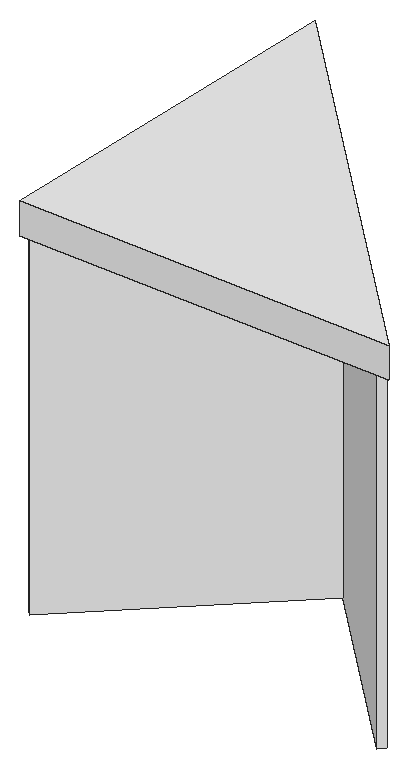
Revit family "HighTower_Ayre_Corner", category Furniture, Revit 2015
Parameters (values of type "Upholstered")
  Width = 1' - 6"  # constant formula
  Upholstered = yes
  URL = "www.hightoweraccess.com"
  Slat = no
  Seat [instance] = Furniture - HIGH TOWER - Ayre - Upholstery
  Product URL = "http://www.hightoweraccess.com/pricelist/new/pdf/ayre.pdf"
  Model = "HT12650U"
  Manufacturer = "HighTower"
  Height = 1' - 6"  # constant formula
  Description = "Ayre Modular Corner Unit w/ Upholstered Seat"
  Depth = 1' - 6"  # constant formula
  Base [instance] = Furniture - HIGH TOWER - Ayre - Base
  Assembly Description = "Furniture & Accessories"
  Assembly Code = "E2020200"
Types (3): name | Upholstered | Slat | Seat | Model | Description
  (no name) | yes | no | Furniture - HIGH TOWER - Ayre - Upholstery | "HT12650U" | "Ayre Modular Corner Unit w/ Upholstered Seat"
  Slat | no | yes | Furniture - HIGH TOWER - Ayre - Slat | "HT12650" | "Ayre Modular Corner Unit w/ Wood Slats"
  Upholstered | yes | no | Furniture - HIGH TOWER - Ayre - Upholstery | "HT12650U" | "Ayre Modular Corner Unit w/ Upholstered Seat"
Reference planes (in)
  plane 1 "Center Front/Back": y = -1.6274
  plane 2: z = 0
  plane 3 "Center Left/Right": x = 0
  plane 4 "L": x = -9
  plane 5 "R": x = 9
  plane 6 "F": y = -10.6274
  plane 7: y = 7.3726
  plane 8: through (-6.25338, 2.33237, 23.38953) normal (0.4297, -0.4297, 0.7941)
  plane 9: z = 18
  plane 10: z = 16.5
  plane 11: x = -8.25
  plane 12: x = 8.25
Forms (in)
  Extrusion 1, solid, material "Furniture - HIGH TOWER - Ayre - Upholstery" <- "Seat", visible <- "Slat"
    sketch origin (0, 0, 17.75) x (-1, 0, 0) y (0, -1, 0)
      loop
        line (-0.08839, 1.71579) -> (2.57322, 4.3774) -> (-2.75, 4.3774) -> (-0.08839, 1.71579)
      loop
        line (5.82322, 7.6274) -> (8.57322, 10.3774) -> (-8.75, 10.3774) -> (-6, 7.6274) -> (5.82322, 7.6274)
      loop
        line (2.82322, 4.6274) -> (5.57322, 7.3774) -> (-5.75, 7.3774) -> (-3, 4.6274) -> (2.82322, 4.6274)
      loop
        line (0.08839, 1.53901) -> (2.75, -1.1226) -> (2.75, 4.20062) -> (0.08839, 1.53901)
      loop
        line (6, 7.45062) -> (6, -4.3726) -> (8.75, -7.1226) -> (8.75, 10.20062) -> (6, 7.45062)
      loop
        line (3, 4.45062) -> (3, -1.3726) -> (5.75, -4.1226) -> (5.75, 7.20062) -> (3, 4.45062)
    from -1.25 to 0.25
  Extrusion 2, solid, material "Furniture - HIGH TOWER - Ayre - Base" <- "Base"
    sketch origin (0, 0, 17.75) x (-1, 0, 0) y (0, -1, 0)
      loop
        line (8.46967, -6.84227) -> (8.73483, -6.57711) -> (0.39775, 1.75998) -> (8.86742, 10.22965) -> (8.60225, 10.49482) -> (0.13258, 2.02515) -> (-8.2045, 10.36223) -> (-8.46967, 10.09707) -> (8.46967, -6.84227)
    from -17.75 to -1.25
  Extrusion 3, solid, material "Furniture - HIGH TOWER - Ayre - Upholstery" <- "Seat", visible <- "Upholstered"
    sketch origin (0, 0, 17.75) x (-1, 0, 0) y (0, -1, 0)
      loop
        line (-9, 10.6274) -> (9, -7.3726) -> (9, 10.6274) -> (-9, 10.6274)
    from -1.25 to 0.25
Dimensions and locks (in)
  equal spacing: plane 4 "L", plane 3 "Center Left/Right", plane 5 "R"
  "Width": plane 4 "L" to plane 5 "R"
  "Depth": plane 7 to plane 6 "F"
  "Height": plane 9 to level
  equal spacing: plane 7, plane 1 "Center Front/Back", plane 6 "F"
  locked: plane 4 "L" to plane 11 at 0.75
  locked: plane 12 to plane 5 "R" at 0.75
  plane 4 "L" to plane 5 "R" = 1' - 6"
Automatic sketch dimensions
  plane 3 "Center Left/Right" to Extrusion 1 sketch curve = 0' - 0.08839"
  plane 3 "Center Left/Right" to Extrusion 1 sketch curve = 0' - 2 3/4"
  Extrusion 1 sketch curve to Extrusion 1 sketch curve = 0' - 0 1/4"  (x11)
  Extrusion 1 sketch curve to plane 12 = 0' - 2 1/2"
  plane 5 "R" to Extrusion 1 sketch curve = 0' - 0 1/4"
  Extrusion 1 sketch curve to plane 3 "Center Left/Right" = 0' - 0.08839"
  Extrusion 1 sketch curve to plane 3 "Center Left/Right" = 0' - 2.57322"
  Extrusion 1 sketch curve to plane 3 "Center Left/Right" = 0' - 2 3/4"
  Extrusion 1 sketch curve to Extrusion 1 sketch curve = 0' - 0.17678"  (x3)
  Extrusion 1 sketch curve to plane 11 = 0' - 2.67678"
  plane 11 to Extrusion 1 sketch curve = 0' - 0.32322"
  plane 4 "L" to Extrusion 1 sketch curve = 0' - 0 1/4"
  Extrusion 1 sketch curve to plane 1 "Center Front/Back" = 0' - 0.08839"
  Extrusion 1 sketch curve to plane 1 "Center Front/Back" = 0' - 2 3/4"
  Extrusion 1 sketch curve to plane 7 = 0' - 3 1/4"
  Extrusion 1 sketch curve to plane 7 = 0' - 0 1/4"
  plane 1 "Center Front/Back" to Extrusion 1 sketch curve = 0' - 0.08839"
  plane 6 "F" to Extrusion 1 sketch curve = 0' - 3.42678"
  plane 6 "F" to Extrusion 1 sketch curve = 0' - 0.42678"
  plane 6 "F" to Extrusion 1 sketch curve = 0' - 0 1/4"
  Extrusion 3 sketch curve to plane 5 "R" = 0' - 0"
  Extrusion 3 sketch curve to plane 4 "L" = 0' - 0"
  Extrusion 3 sketch curve to plane 6 "F" = 0' - 0"
  Extrusion 3 sketch curve to plane 7 = 0' - 0"
  Extrusion 2 sketch curve to plane 3 "Center Left/Right" = 0' - 0.13258"
  plane 1 "Center Front/Back" to Extrusion 2 sketch curve = 0' - 0.13258"
  plane 6 "F" to Extrusion 2 sketch curve = 0' - 0.13258"
  plane 4 "L" to Extrusion 2 sketch curve = 0' - 0.13258"
  Extrusion 2 sketch curve to plane 12 = 0' - 0.0455"
  plane 12 to Extrusion 2 sketch curve = 0' - 0.21967"
  Extrusion 2 sketch curve to plane 3 "Center Left/Right" = 0' - 0.39775"
  plane 11 to Extrusion 2 sketch curve = 0' - 0.21967"
  Extrusion 2 sketch curve to Extrusion 2 sketch curve = 0' - 0.26517"
